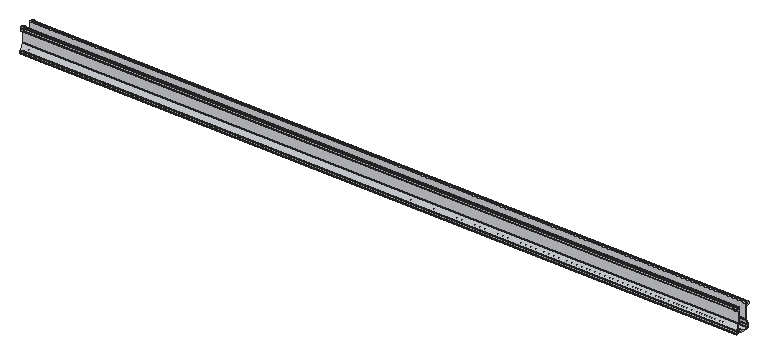
Revit family "43TSC4.00 18g Bottom Chord", category Structural Framing, Revit 2020
Family settings
  Section Shape = Not Defined
  Material for Model Behavior = Steel
  Always export as geometry = No
  OmniClass Number = 23.25.30.11.14.14
  OmniClass Title = Beams
  Always vertical = Yes
  Cut with Voids When Loaded = No
  Symbolic Representation = From Family
  Shared = No
  Show family pre-cut in plan views = Yes
Parameters
  Weight lbs per ft [instance] = 1.9288
  URL = "https://www.trussteel.com/details_files/pdf/ts008.pdf"
  Total Member Weight lbs [instance] = Length / 1' 0" * Weight lbs per ft  # 19.288
  Structural Material = ASTM A653 SS Grade 55 G90
  Steel Design Thickness (in) [instance] = 0.0451
  Model = "43TSC4.00"
  Manufacturer = "TrusSteel"
  Length [instance] = 10' - 0"
  Fy (ksi) [instance] = 55
  Fu (ksi) [instance] = 65
  Description = "Chord"
  Cross Section Area (in2) [instance] = 0.5673
  Beam Width = 0' - 2 1/2"
  Beam Height = 0' - 4"
Reference planes (in)
  plane 1 "Center (Front/Back)": y = 0
  plane 2 "Center El.": z = 0
  plane 3 "Center (Left/Right)": x = 0
  plane 4 "Left": x = -60
  plane 5 "Right": x = 60
Forms (in)
  Extrusion 1, solid
    sketch origin (0, 0, 0) x (0, 1, 0) y (0, 0, 1)
      loop
        line (1.1449, 4) -> (0.8551, 4)
        arc (0.8551, 4) -> (0.78078, 3.96922) -> (0.75, 3.8949) r 0.1051
        line (0.75, 3.8949) -> (0.75, 1.57587)
        arc (0.75, 1.57587) -> (0.75897, 1.49217) -> (0.78546, 1.41227) r 0.3951
        line (0.78546, 1.41227) -> (1.17349, 0.55928)
        arc (1.17349, 0.55928) -> (1.19696, 0.4885) -> (1.2049, 0.41436) r 0.35
        line (1.2049, 0.41436) -> (1.2049, 0.1391)
        arc (1.2049, 0.1391) -> (1.17737, 0.07263) -> (1.1109, 0.0451) r 0.094
        line (1.1109, 0.0451) -> (0.245, 0.0451)
        arc (0.245, 0.0451) -> (0.21319, 0.05275) -> (0.18832, 0.07402) r 0.07
        arc (0.18832, 0.07402) -> (0, 0.1701) -> (-0.18832, 0.07402) r 0.2326
        arc (-0.18832, 0.07402) -> (-0.21319, 0.05275) -> (-0.245, 0.0451) r 0.07
        line (-0.245, 0.0451) -> (-1.1109, 0.0451)
        arc (-1.1109, 0.0451) -> (-1.17737, 0.07263) -> (-1.2049, 0.1391) r 0.094
        line (-1.2049, 0.1391) -> (-1.2049, 0.41436)
        arc (-1.2049, 0.41436) -> (-1.19696, 0.4885) -> (-1.17349, 0.55928) r 0.35
        line (-1.17349, 0.55928) -> (-0.78546, 1.41227)
        arc (-0.78546, 1.41227) -> (-0.75897, 1.49217) -> (-0.75, 1.57587) r 0.3951
        line (-0.75, 1.57587) -> (-0.75, 3.8949)
        arc (-0.75, 3.8949) -> (-0.78078, 3.96922) -> (-0.8551, 4) r 0.1051
        line (-0.8551, 4) -> (-1.1449, 4)
        arc (-1.1449, 4) -> (-1.21922, 3.96922) -> (-1.25, 3.8949) r 0.1051
        line (-1.25, 3.8949) -> (-1.25, 3.6051)
        arc (-1.25, 3.6051) -> (-1.21922, 3.53078) -> (-1.1449, 3.5) r 0.1051
        line (-1.1449, 3.5) -> (-1, 3.5) -> (-1, 3.5451) -> (-1.1449, 3.5451)
        arc (-1.1449, 3.5451) -> (-1.18733, 3.56267) -> (-1.2049, 3.6051) r 0.06
        line (-1.2049, 3.6051) -> (-1.2049, 3.8949)
        arc (-1.2049, 3.8949) -> (-1.18733, 3.93733) -> (-1.1449, 3.9549) r 0.06
        line (-1.1449, 3.9549) -> (-0.8551, 3.9549)
        arc (-0.8551, 3.9549) -> (-0.81267, 3.93733) -> (-0.7951, 3.8949) r 0.06
        line (-0.7951, 3.8949) -> (-0.7951, 1.57587)
        arc (-0.7951, 1.57587) -> (-0.80304, 1.50172) -> (-0.82651, 1.43094) r 0.35
        line (-0.82651, 1.43094) -> (-1.21454, 0.57796)
        arc (-1.21454, 0.57796) -> (-1.24103, 0.49806) -> (-1.25, 0.41436) r 0.3951
        line (-1.25, 0.41436) -> (-1.25, 0.1391)
        arc (-1.25, 0.1391) -> (-1.20926, 0.04074) -> (-1.1109, 0) r 0.1391
        line (-1.1109, 0) -> (-0.245, 0)
        arc (-0.245, 0) -> (-0.19269, 0.01257) -> (-0.15181, 0.04755) r 0.1151
        arc (-0.15181, 0.04755) -> (0, 0.125) -> (0.15181, 0.04755) r 0.1875
        arc (0.15181, 0.04755) -> (0.19269, 0.01257) -> (0.245, 0) r 0.1151
        line (0.245, 0) -> (1.1109, 0)
        arc (1.1109, 0) -> (1.20926, 0.04074) -> (1.25, 0.1391) r 0.1391
        line (1.25, 0.1391) -> (1.25, 0.41436)
        arc (1.25, 0.41436) -> (1.24103, 0.49806) -> (1.21454, 0.57796) r 0.3951
        line (1.21454, 0.57796) -> (0.82651, 1.43094)
        arc (0.82651, 1.43094) -> (0.80304, 1.50172) -> (0.7951, 1.57587) r 0.35
        line (0.7951, 1.57587) -> (0.7951, 3.8949)
        arc (0.7951, 3.8949) -> (0.81267, 3.93733) -> (0.8551, 3.9549) r 0.06
        line (0.8551, 3.9549) -> (1.1449, 3.9549)
        arc (1.1449, 3.9549) -> (1.18733, 3.93733) -> (1.2049, 3.8949) r 0.06
        line (1.2049, 3.8949) -> (1.2049, 3.6051)
        arc (1.2049, 3.6051) -> (1.18733, 3.56267) -> (1.1449, 3.5451) r 0.06
        line (1.1449, 3.5451) -> (1, 3.5451) -> (1, 3.5) -> (1.1449, 3.5)
        arc (1.1449, 3.5) -> (1.21922, 3.53078) -> (1.25, 3.6051) r 0.1051
        line (1.25, 3.6051) -> (1.25, 3.8949)
        arc (1.25, 3.8949) -> (1.21922, 3.96922) -> (1.1449, 4) r 0.1051
    from -60 to 60
Dimensions and locks (in)
  equal spacing: plane 4 "Left", plane 3 "Center (Left/Right)", plane 5 "Right"
  "Length": plane 4 "Left" to plane 5 "Right"
  "Beam Width": Extrusion 1 to Extrusion 1
  "Beam Height": Extrusion 1 to Extrusion 1
  aligned and locked: level to plane 2 "Center El."
  aligned and locked: plane 4 "Left" to Extrusion 1
  aligned and locked: Extrusion 1 to plane 5 "Right"
Automatic sketch dimensions
  Extrusion 1 sketch curve to Extrusion 1 sketch curve = 0' - 0"  (x32)
  Extrusion 1 sketch curve to level = 0' - 0"  (x2)
  Extrusion 1 sketch curve to plane 1 "Center (Front/Back)" = 0' - 0"
  level to Extrusion 1 sketch curve = 0' - 0.0451"
  plane 1 "Center (Front/Back)" to Extrusion 1 sketch curve = 0' - 0.245"
  plane 1 "Center (Front/Back)" to Extrusion 1 sketch curve = 0' - 0 3/4"
  Extrusion 1 sketch curve to Extrusion 1 sketch curve = 0' - 0.03546"  (x2)
  Extrusion 1 sketch curve to Extrusion 1 sketch curve = 0' - 0.0451"  (x2)
  Extrusion 1 sketch curve to Extrusion 1 sketch curve = 0' - 0.04105"  (x3)
  Extrusion 1 sketch curve to Extrusion 1 sketch curve = 0' - 0.6099"  (x2)
  Extrusion 1 sketch curve to Extrusion 1 sketch curve = 0' - 0.06"  (x4)
  Extrusion 1 sketch curve to Extrusion 1 sketch curve = 0' - 0.1449"  (x4)
  level to Extrusion 1 sketch curve = 0' - 0.1391"
  Extrusion 1 sketch curve to Extrusion 1 sketch curve = 0' - 0.256"  (x2)
  Extrusion 1 sketch curve to Extrusion 1 sketch curve = 0' - 0.2898"  (x3)
  Extrusion 1 sketch curve to Extrusion 1 sketch curve = 0' - 0.31859"  (x2)
  level to Extrusion 1 sketch curve = 0' - 0.55928"  (x2)
  Extrusion 1 sketch curve to Extrusion 1 sketch curve = 0' - 0.03141"  (x2)
  level to Extrusion 1 sketch curve = 0' - 0.57796"  (x2)
  level to Extrusion 1 sketch curve = 0' - 0.1151"
  Extrusion 1 sketch curve to plane 1 "Center (Front/Back)" = 0' - 0.245"
  Extrusion 1 sketch curve to plane 1 "Center (Front/Back)" = 0' - 0 3/4"
  Extrusion 1 sketch curve to Extrusion 1 sketch curve = 0' - 0.35"
  Extrusion 1 sketch curve to level = 0' - 0 1/16"
  Extrusion 1 sketch curve to Extrusion 1 sketch curve = 0' - 0.07"
  Extrusion 1 sketch curve to Extrusion 1 sketch curve = 0' - 0.85299"  (x2)
  Extrusion 1 sketch curve to Extrusion 1 sketch curve = 0' - 1.92413"  (x2)
  Extrusion 1 sketch curve to Extrusion 1 sketch curve = 0' - 0.3498"
